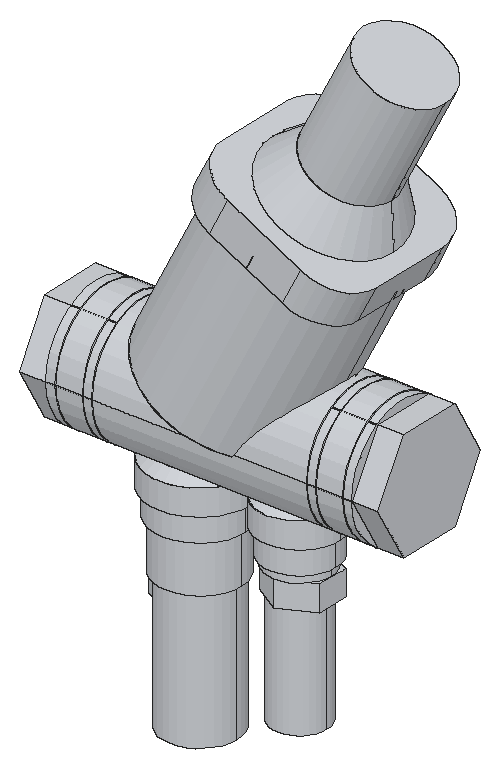
Revit family "Sigma_Compact_DN020 LF_s vyp_RFA_2019", category Pipe Accessories, Revit 2019
Family settings
  Round Connector Dimension = Use Diameter
  Part Type = Valve - Breaks Into
  Work Plane-Based = No
  Always vertical = Yes
  Cut with Voids When Loaded = No
  Shared = No
Parameters (values of type "Sigma Compact DN 20 LF s vypouštěním")
  magiProductId = "4441b8ffc9524b918ae82076b70c18"
  magiProductFamilyId = "b36b5fd198d64ff2a1a242d49e26b9"
  magiPartTypeId = 304
  isMeasuringValve [instance] = no
  ang2D [instance] = 0.00°
  Z6 = 26.1 mm
  Z5 = 60.9 mm
  Z4 = 52.2 mm
  Z3 = 8.7 mm
  Z2 = 43.5 mm
  XR2 = 25 mm
  XR1 = 13 mm
  W2D = 15 mm
  VersionID = "2.0/2018.12.13.2/FRESE_SIGMA_PLUG_Q13_001"
  Use Minimum Symbol Size [instance] = no
  URL = "www.hydronic.cz"
  Type Comments = "závitový; vnitřní závit; PN25; max dp=400kPa; -10~+120°C; max uzavírací tlak 1MPa"
  R4 = 15 mm
  R3 = 10 mm
  R2 = 14 mm
  R1 = 19 mm
  QmdConnectorList = "301;D;302;D"
  Productdata [instance] = ""
  NL__ve = -NL  # -15.8 mm
  NL = 15.8 mm
  Manufacturer = "Hydronic Systems Prague s.r.o."
  MC Use Limits From Balancing Method = no
  MC Throttling Minimum Value = 0
  MC Throttling Maximum Value = 0
  MC Product Code = "53-2222 DN20 FF s měřením a vypouštěním; (86-1550 l/h); kvs=4,0"
  MC Pressure Drop Minimum Value = 0.0 Pa
  MC Pressure Drop Maximum Value = 0.0 Pa
  MC Piping Given Pressure Drop [instance] = 0.0 Pa
  M5 = 33.7 mm
  M4 = 31.7 mm
  M3 = 25.7 mm
  M2 = 23.7 mm
  LP = 39.5 mm
  LM = 47.4 mm
  LL__ve = -LL  # -5.7 mm
  LLT__ve = -LLT  # -14.9 mm
  LLT = 14.9 mm
  LLL = 11 mm
  LL3 = 41 mm
  LL2 = 32 mm
  LL = 5.7 mm
  L3 = 11 mm
  L2D_Min = 30.48 mm
  L2D = 65 mm
  Description = "Automatický vyvažovací ventil"
  DR1 = yes
  DR0 = no
  DL2 = 66 mm
  D = 20 mm
  CenSd_R2_6 = R2 * cos(30.00°)  # 12.124 mm
  CAT0 = yes
  C0D1 = yes
  C0D0 = no
Types (3, lengths in mm): name | magiProductId | Z6 | Z5 | Z4 | Z3 | Z2 | R2 | NL__ve | NL | MC Product Code | M5 | M4 | M3 | M2 | LP | LM | LL__ve | LLT__ve | LLT | LL3 | LL2 | LL | DL2 | D | CenSd_R2_6
  Sigma Compact DN 15 LF s vypouštěním | "4da2706faa094394a6b47e72802cb6" | 26.1 | 60.9 | 52.2 | 8.7 | 43.5 | 14 | -15 | 15 | "53-2220 DN15 FF s měřením a vypouštěním; (40-900 l/h); kvs=2,6" | 32.5 | 30.5 | 24.5 | 22.5 | 37.5 | 45 | -5.7 | -14.9 | 14.9 | 41 | 32 | 5.7 | 66 | 15 | 12.124
  Sigma Compact DN 20 LF s vypouštěním | "4441b8ffc9524b918ae82076b70c18" | 26.1 | 60.9 | 52.2 | 8.7 | 43.5 | 14 | -15.8 | 15.8 | "53-2222 DN20 FF s měřením a vypouštěním; (86-1550 l/h); kvs=4,0" | 33.7 | 31.7 | 25.7 | 23.7 | 39.5 | 47.4 | -5.7 | -14.9 | 14.9 | 41 | 32 | 5.7 | 66 | 20 | 12.124
  Sigma Compact DN 25 LF s vypouštěním | "c12e4a96aaac41ec97144b6aa94874" | 27 | 63 | 54 | 9 | 45 | 18 | -16.6 | 16.6 | "53-2228 DN25 FF s měřením a vypouštěním; (95-2000 l/h); kvs=3,9" | 34.9 | 32.9 | 26.9 | 24.9 | 41.5 | 49.8 | -5.9 | -16.3 | 16.3 | 43 | 34 | 5.9 | 68 | 25 | 15.588
Reference planes
  plane 1 "Center (Front/Back)": y = 0
  plane 2 "XYPLANE": z = 0
  plane 3 "Center (Left/Right)": x = 0
  plane 4 "408": x = 39.5
  plane 5 "407": x = -39.5
  plane 6 "404": z = -35.3
  plane 7 "403": z = -41
  plane 8 "402": z = -66
  plane 9 "213": x = -11
  plane 10 "168": z = -10.9
  plane 11 "167": z = -12.9
  plane 12 "166": z = -18.6
  plane 13 "165": z = -24.3
  plane 14 "164": z = -26.3
  plane 15 "154": z = 0
  plane 16 "152": y = 0
  plane 17 "151": z = -32
  plane 18 "150": x = 11
  plane 19 "75": through (318.218, 0, 679.605) normal (0.891, 0, -0.454)
  plane 20 "74": x = 33.7
  plane 21 "73": x = 31.7
  plane 22 "72": x = 25.7
  plane 23 "71": x = 23.7
  plane 24 "70": x = -33.7
  plane 25 "69": x = -31.7
  plane 26 "68": x = -25.7
  plane 27 "67": y = 0
  plane 28 "66": through (-666.893, 0, 343.166) normal (0.454, 0, 0.891)
  plane 29 "65": x = -23.7
  plane 30 "64": through (335.147, 0, 670.979) normal (0.891, 0, -0.454)
  plane 31 "63": through (-648.506, 0, 379.252) normal (0.454, 0, 0.891)
  plane 32 "62": through (352.076, 0, 662.353) normal (0.891, 0, -0.454)
  plane 33 "61": y = 19
  plane 34 "60": y = -19
  plane 35 "59": through (-644.557, 0, 387.003) normal (0.454, 0, 0.891)
  plane 36 "58": through (-640.607, 0, 394.755) normal (0.454, 0, 0.891)
  plane 37 "56": x = 0
  plane 38 "55": through (-668.255, 0, 340.493) normal (0.454, 0, 0.891)
  plane 39 "102XY": through (-668.255, 0, 340.493) normal (0.454, 0, 0.891)
  plane 40 "102XZ": y = 0
  plane 41 "102YZ": through (340.493, 0, 668.255) normal (0.891, 0, -0.454)
Forms (mm)
  Extrusion 1, solid
    sketch origin (39.5, -750, 0) x (0, 1, 0) y (0, 0, 1)
      loop
        line (764, 0) -> (757, 12.124) -> (743, 12.124) -> (736, 0) -> (743, -12.124) -> (757, -12.124) -> (764, 0)
    from 0 to -15.8 <- "NL__ve"
  Extrusion 2, solid
    sketch origin (-39.5, -750, 0) x (0, 1, 0) y (0, 0, 1)
      loop
        line (736, 0) -> (743, -12.124) -> (757, -12.124) -> (764, 0) -> (757, 12.124) -> (743, 12.124) -> (736, 0)
    from 0 to 15.8 <- "NL"
  Extrusion 3, solid, visible <- "C0D1"
    sketch origin (-750, 0, -66) x (1, 0, 0) y (0, 1, 0)
      loop
        circle (739, 0) r 8.2
    from 0 to 50
  Extrusion 4, solid, visible <- "DR1"
    sketch origin (-750, 0, -35.3) x (1, 0, 0) y (0, 1, 0)
      loop
        line (739, -8) -> (745.928, -4) -> (745.928, 4) -> (739, 8) -> (730.872, 4) -> (730.872, -4) -> (739, -8)
    from 0 to -5.7 <- "LL__ve"
  Extrusion 5, solid, visible <- "DR1"
    sketch origin (-750, 0, -35.3) x (1, 0, 0) y (0, 1, 0)
      loop
        circle (739, 0) r 9.2
    from 0 to 11 <- "LLL"
  Extrusion 6, solid, visible <- "DR1"
    sketch origin (-750, 0, -24.3) x (1, 0, 0) y (0, 1, 0)
      loop
        circle (739, 0) r 10.2
    from 0 to 5.7 <- "LL"
  Extrusion 7, solid, visible <- "DR1"
    sketch origin (-750, 0, -18.6) x (1, 0, 0) y (0, 1, 0)
      loop
        circle (739, 0) r 11.2
    from 0 to 5.7 <- "LL"
  Blend 8, solid, visible <- "DR1"
    base sketch origin (-750, 0, -10.9) x (1, 0, 0) y (0, 1, 0)
      loop
        circle (739, 0) r 8.7
    top sketch origin (-750, 0, -10.9) x (1, 0, 0) y (0, 1, 0)
      loop
        circle (739, 0) r 11.2
    from 0 to -2
  Extrusion 9, solid, visible <- "DR1"
    sketch origin (-750, 0, 0) x (1, 0, 0) y (0, 1, 0)
      loop
        circle (739, 0) r 8.7
    from 0 to -14.9 <- "LLT__ve"
  Extrusion 10, solid, visible <- "C0D0"
    sketch origin (-750, 0, -32) x (1, 0, 0) y (0, 1, 0)
      loop
        circle (739, 0) r 7.2
    from 0 to -25
  Extrusion 11, solid, visible <- "DR0"
    sketch origin (-750, 0, -26.3) x (1, 0, 0) y (0, 1, 0)
      loop
        line (739, -7) -> (745.062, -3.5) -> (745.062, 3.5) -> (739, 7) -> (731.738, 3.5) -> (731.738, -3.5) -> (739, -7)
    from 0 to -5.7 <- "LL__ve"
  Extrusion 12, solid, visible <- "DR0"
    sketch origin (-750, 0, -26.3) x (1, 0, 0) y (0, 1, 0)
      loop
        circle (739, 0) r 8.2
    from 0 to 2
  Extrusion 13, solid, visible <- "DR0"
    sketch origin (-750, 0, -18.6) x (1, 0, 0) y (0, 1, 0)
      loop
        circle (739, 0) r 10.2
    from 0 to 5.7 <- "LL"
  Blend 14, solid, visible <- "DR0"
    base sketch origin (-750, 0, -10.9) x (1, 0, 0) y (0, 1, 0)
      loop
        circle (739, 0) r 7.7
    top sketch origin (-750, 0, -10.9) x (1, 0, 0) y (0, 1, 0)
      loop
        circle (739, 0) r 10.2
    from 0 to -2
  Extrusion 15, solid, visible <- "DR0"
    sketch origin (-750, 0, 0) x (1, 0, 0) y (0, 1, 0)
      loop
        circle (739, 0) r 7.7
    from 0 to -14.9 <- "LLT__ve"
  Extrusion 16, solid, visible <- "DR0"
    sketch origin (-750, 0, 0) x (1, 0, 0) y (0, 1, 0)
      loop
        circle (739, 0) r 7.7
    from 0 to -14.9 <- "LLT__ve"
  Blend 17, solid, visible <- "DR0"
    base sketch origin (-750, 0, -10.9) x (1, 0, 0) y (0, 1, 0)
      loop
        circle (739, 0) r 7.7
    top sketch origin (-750, 0, -10.9) x (1, 0, 0) y (0, 1, 0)
      loop
        circle (739, 0) r 10.2
    from 0 to -2
  Extrusion 18, solid, visible <- "DR0"
    sketch origin (-750, 0, -18.6) x (1, 0, 0) y (0, 1, 0)
      loop
        circle (739, 0) r 10.2
    from 0 to 5.7 <- "LL"
  Extrusion 19, solid, visible <- "DR0"
    sketch origin (-750, 0, -24.3) x (1, 0, 0) y (0, 1, 0)
      loop
        circle (739, 0) r 9.2
    from 0 to 5.7 <- "LL"
  Extrusion 20, solid, visible <- "DR0"
    sketch origin (-750, 0, -26.3) x (1, 0, 0) y (0, 1, 0)
      loop
        circle (739, 0) r 8.2
    from 0 to 2
  Extrusion 21, solid, visible <- "DR0"
    sketch origin (-750, 0, -26.3) x (1, 0, 0) y (0, 1, 0)
      loop
        line (739, -7) -> (745.062, -3.5) -> (745.062, 3.5) -> (739, 7) -> (731.738, 3.5) -> (731.738, -3.5) -> (739, -7)
    from 0 to -5.7 <- "LL__ve"
  Extrusion 22, solid, visible <- "C0D0"
    sketch origin (-750, 0, -32) x (1, 0, 0) y (0, 1, 0)
      loop
        circle (739, 0) r 7.2
    from 0 to -25
  Extrusion 23, solid, visible <- "CAT0"
    sketch origin (-750, 0, -32) x (1, 0, 0) y (0, 1, 0)
      loop
        circle (761, 0) r 6
    from 0 to -25
  Extrusion 24, solid
    sketch origin (-750, 0, -26.3) x (1, 0, 0) y (0, 1, 0)
      loop
        line (761, -7) -> (768.262, -3.5) -> (768.262, 3.5) -> (761, 7) -> (754.938, 3.5) -> (754.938, -3.5) -> (761, -7)
    from 0 to -5.7 <- "LL__ve"
  Extrusion 25, solid
    sketch origin (-750, 0, -26.3) x (1, 0, 0) y (0, 1, 0)
      loop
        circle (761, 0) r 7
    from 0 to 2
  Extrusion 26, solid
    sketch origin (-750, 0, -24.3) x (1, 0, 0) y (0, 1, 0)
      loop
        circle (761, 0) r 8
    from 0 to 5.7 <- "LL"
  Extrusion 27, solid
    sketch origin (-750, 0, -18.6) x (1, 0, 0) y (0, 1, 0)
      loop
        circle (761, 0) r 9
    from 0 to 5.7 <- "LL"
  Blend 28, solid
    base sketch origin (-750, 0, -10.9) x (1, 0, 0) y (0, 1, 0)
      loop
        circle (761, 0) r 6.5
    top sketch origin (-750, 0, -10.9) x (1, 0, 0) y (0, 1, 0)
      loop
        circle (761, 0) r 9
    from 0 to -2
  Extrusion 29, solid
    sketch origin (-750, 0, 0) x (1, 0, 0) y (0, 1, 0)
      loop
        circle (761, 0) r 6.5
    from 0 to -14.9 <- "LLT__ve"
  Blend 30, solid, visible <- "CAT0"
    base sketch origin (31.7, -750, 0) x (0, 1, 0) y (0, 0, 1)
      loop
        circle (750, 0) r 14
    top sketch origin (31.7, -750, 0) x (0, 1, 0) y (0, 0, 1)
      loop
        circle (750, 0) r 14
    from 0 to 2
  Extrusion 31, solid, visible <- "CAT0"
    sketch origin (25.7, -750, 0) x (0, 1, 0) y (0, 0, 1)
      loop
        circle (750, 0) r 14
    from 0 to 6
  Blend 32, solid, visible <- "CAT0"
    base sketch origin (23.7, -750, 0) x (0, 1, 0) y (0, 0, 1)
      loop
        circle (750, 0) r 14
    top sketch origin (23.7, -750, 0) x (0, 1, 0) y (0, 0, 1)
      loop
        circle (750, 0) r 14
    from 0 to 2
  Blend 33, solid, visible <- "CAT0"
    base sketch origin (-31.7, -750, 0) x (0, 1, 0) y (0, 0, 1)
      loop
        circle (750, 0) r 14
    top sketch origin (-31.7, -750, 0) x (0, 1, 0) y (0, 0, 1)
      loop
        circle (750, 0) r 14
    from 0 to -2
  Extrusion 34, solid, visible <- "CAT0"
    sketch origin (-31.7, -750, 0) x (0, 1, 0) y (0, 0, 1)
      loop
        circle (750, 0) r 14
    from 0 to 6
  Blend 35, solid, visible <- "CAT0"
    base sketch origin (-25.7, -750, 0) x (0, 1, 0) y (0, 0, 1)
      loop
        circle (750, 0) r 14
    top sketch origin (-25.7, -750, 0) x (0, 1, 0) y (0, 0, 1)
      loop
        circle (750, 0) r 14
    from 0 to 2
  Extrusion 36, solid, visible <- "CAT0"
    sketch origin (-23.7, -750, 0) x (0, 1, 0) y (0, 0, 1)
      loop
        circle (750, 0) r 14
    from 0 to 47.4 <- "LM"
  Extrusion 37, solid, visible <- "CAT0"
    sketch origin (-666.893, 0, 343.166) x (0.891007, 0, -0.45399) y (0, 1, 0)
      loop
        circle (744, 0) r 19
    from 0 to 43.5 <- "Z2"
  Extrusion 38, solid, visible <- "CAT0"
    sketch origin (-648.506, 0, 379.252) x (0.891007, 0, -0.45399) y (0, 1, 0)
      loop
        arc (735, 19) -> (727.929, 16.071) -> (725, 9) r 10
        line (725, 9) -> (725, -9)
        arc (725, -9) -> (727.929, -16.071) -> (735, -19) r 10
        line (735, -19) -> (753, -19)
        arc (753, -19) -> (760.071, -16.071) -> (763, -9) r 10
        line (763, -9) -> (763, 9)
        arc (763, 9) -> (760.071, 16.071) -> (753, 19) r 10
        line (753, 19) -> (735, 19)
    from 0 to 8.7 <- "Z3"
  Blend 39, solid, visible <- "CAT0"
    base sketch origin (-644.557, 0, 387.003) x (0.891007, 0, -0.45399) y (0, 1, 0)
      loop
        circle (744, 0) r 15
    top sketch origin (-644.557, 0, 387.003) x (0.891007, 0, -0.45399) y (0, 1, 0)
      loop
        circle (744, 0) r 10
    from 0 to 8.7
  Extrusion 40, solid, visible <- "CAT0"
    sketch origin (-640.607, 0, 394.755) x (0.891007, 0, -0.45399) y (0, 1, 0)
      loop
        circle (744, 0) r 10
    from 0 to 26.1 <- "Z6"
  Blend 41, solid, visible <- "CAT0"
    base sketch origin (-668.255, 0, 340.493) x (0.891007, 0, -0.45399) y (0, 1, 0)
      loop
        circle (744, 0) r 15
    top sketch origin (-668.255, 0, 340.493) x (0.891007, 0, -0.45399) y (0, 1, 0)
      loop
        circle (744, 0) r 19
    from 0 to 3
  Extrusion 42, solid, not visible
    sketch origin (-33.7, -750, 0) x (0, 1, 0) y (0, 0, 1)
      loop
        circle (750, 0) r 10
    from 0 to 10
  Extrusion 43, solid, not visible
    sketch origin (33.7, -750, 0) x (0, 1, 0) y (0, 0, 1)
      loop
        circle (750, 0) r 10
    from 0 to -10
Lines and regions (mm)
  reference lines, not visible
    curve 1: circle (2, 2, 0) r 1 normal (0, 0, 1)
  reference lines
    curve 2: line (39.5, 0, 0) -> (39.5, -3.5, 6.062)
    curve 3: line (39.5, 0, 0) -> (39.5, -7, 0)
    curve 4: line (39.5, 0, 0) -> (39.5, -3.5, -6.062)
    curve 5: line (-39.5, 0, 0) -> (-39.5, 3.5, 6.062)
    curve 6: line (-39.5, 0, 0) -> (-39.5, 7, 0)
    curve 7: line (-39.5, 0, 0) -> (-39.5, 3.5, -6.062)
Dimensions and locks
  plane 1 "Center (Front/Back)" to curve 1 = 2 mm
  "LP": plane 37 "56" to plane 4 "408"
  "LP": plane 37 "56" to plane 5 "407"
  "LL": plane 7 "403" to plane 6 "404"
  "LL3": plane 2 "XYPLANE" to plane 7 "403"
  "DL2": plane 2 "XYPLANE" to plane 8 "402"
  "L3": plane 3 "Center (Left/Right)" to plane 9 "213"
  locked: plane 11 "167" to plane 10 "168" at 2
  "LL": plane 12 "166" to plane 11 "167"
  "LL": plane 13 "165" to plane 12 "166"
  locked: plane 14 "164" to plane 13 "165" at 2
  "LL": plane 17 "151" to plane 14 "164"
  locked: plane 2 "XYPLANE" to plane 15 "154"
  locked: plane 1 "Center (Front/Back)" to plane 16 "152"
  "LL2": plane 2 "XYPLANE" to plane 17 "151"
  "L3": plane 3 "Center (Left/Right)" to plane 18 "150"
  "XR2": plane 41 "102YZ" to plane 19 "75"
  "M5": plane 3 "Center (Left/Right)" to plane 20 "74"
  "M4": plane 3 "Center (Left/Right)" to plane 21 "73"
  "M3": plane 3 "Center (Left/Right)" to plane 22 "72"
  "M2": plane 3 "Center (Left/Right)" to plane 23 "71"
  "M5": plane 3 "Center (Left/Right)" to plane 24 "70"
  "M4": plane 3 "Center (Left/Right)" to plane 25 "69"
  "M3": plane 3 "Center (Left/Right)" to plane 26 "68"
  locked: plane 16 "152" to plane 27 "67"
  locked: plane 39 "102XY" to plane 28 "66" at 3
  "M2": plane 3 "Center (Left/Right)" to plane 29 "65"
  locked: plane 41 "102YZ" to plane 30 "64" at 6
  "Z2": plane 39 "102XY" to plane 31 "63"
  "XR1": plane 41 "102YZ" to plane 32 "62"
  "R1": plane 16 "152" to plane 33 "61"
  "R1": plane 16 "152" to plane 34 "60"
  "Z4": plane 39 "102XY" to plane 35 "59"
  "Z5": plane 39 "102XY" to plane 36 "58"
  locked: plane 3 "Center (Left/Right)" to plane 37 "56"
  locked: plane 39 "102XY" to plane 38 "55"
  "CenSd_R2_6": curve 2 to Extrusion 1 sketch curve  (x2)
  "CenSd_R2_6": curve 3 to Extrusion 1 sketch curve  (x2)
  "CenSd_R2_6": curve 4 to Extrusion 1 sketch curve  (x2)
  Extrusion 1 sketch curve to Extrusion 1 sketch curve = 0 mm  (x12)
  "CenSd_R2_6": curve 5 to Extrusion 2 sketch curve  (x2)
  "CenSd_R2_6": curve 6 to Extrusion 2 sketch curve  (x2)
  "CenSd_R2_6": curve 7 to Extrusion 2 sketch curve  (x2)
  Extrusion 2 sketch curve to Extrusion 2 sketch curve = 0 mm  (x12)
  Extrusion 4 sketch curve to Extrusion 4 sketch curve = 0 mm  (x12)
  Extrusion 11 sketch curve to Extrusion 11 sketch curve = 0 mm  (x12)
  Extrusion 21 sketch curve to Extrusion 21 sketch curve = 0 mm  (x12)
  Extrusion 24 sketch curve to Extrusion 24 sketch curve = 0 mm  (x12)
  Extrusion 38 sketch curve to Extrusion 38 sketch curve = 0 mm  (x16)
  "R2": radius of Blend 30 sketch curve  (x2)
  "R2": radius of Extrusion 31 sketch curve
  "R2": radius of Blend 32 sketch curve  (x2)
  "R2": radius of Blend 33 sketch curve  (x2)
  "R2": radius of Extrusion 34 sketch curve
  "R2": radius of Blend 35 sketch curve  (x2)
  "R2": radius of Extrusion 36 sketch curve
  "R1": radius of Extrusion 37 sketch curve
  radius of Extrusion 38 sketch curve = 10 mm  (x4)
  "R3": radius of Blend 39 sketch curve
  "R4": radius of Blend 39 sketch curve
  "R3": radius of Extrusion 40 sketch curve
  "R1": radius of Blend 41 sketch curve
  locked: curve 3 to curve 2 (angle 60.00°)
  locked: curve 4 to curve 3 (angle 60.00°)
  locked: curve 4 to curve 2 (angle 120.00°)
  locked: curve 6 to curve 5 (angle 60.00°)
  locked: curve 7 to curve 6 (angle 60.00°)
  locked: curve 7 to curve 5 (angle 120.00°)
  aligned and locked: level to plane 2 "XYPLANE"
  aligned and locked: plane 15 "154" to curve 4
  aligned and locked: curve 4 to plane 16 "152"
  aligned and locked: plane 15 "154" to curve 7
  aligned and locked: curve 7 to plane 16 "152"
  aligned and locked: plane 9 "213" to Extrusion 3 sketch curve
  aligned and locked: plane 16 "152" to Extrusion 3 sketch curve
  aligned and locked: plane 9 "213" to Extrusion 5 sketch curve
  aligned and locked: plane 16 "152" to Extrusion 5 sketch curve
  aligned and locked: plane 9 "213" to Extrusion 6 sketch curve
  aligned and locked: plane 16 "152" to Extrusion 6 sketch curve
  aligned and locked: plane 9 "213" to Extrusion 7 sketch curve
  aligned and locked: plane 16 "152" to Extrusion 7 sketch curve
  aligned and locked: plane 9 "213" to Blend 8 sketch curve  (x2)
  aligned and locked: plane 16 "152" to Blend 8 sketch curve  (x2)
  aligned and locked: Blend 8 to plane 11 "167"
  aligned and locked: plane 9 "213" to Extrusion 9 sketch curve
  aligned and locked: plane 16 "152" to Extrusion 9 sketch curve
  aligned and locked: plane 9 "213" to Extrusion 10 sketch curve
  aligned and locked: plane 16 "152" to Extrusion 10 sketch curve
  aligned and locked: plane 9 "213" to Extrusion 12 sketch curve
  aligned and locked: plane 16 "152" to Extrusion 12 sketch curve
  aligned and locked: plane 9 "213" to Extrusion 13 sketch curve
  aligned and locked: plane 16 "152" to Extrusion 13 sketch curve
  aligned and locked: plane 9 "213" to Blend 14 sketch curve  (x2)
  aligned and locked: plane 16 "152" to Blend 14 sketch curve  (x2)
  aligned and locked: Blend 14 to plane 11 "167"
  aligned and locked: plane 9 "213" to Extrusion 15 sketch curve
  aligned and locked: plane 16 "152" to Extrusion 15 sketch curve
  aligned and locked: plane 9 "213" to Extrusion 16 sketch curve
  aligned and locked: plane 16 "152" to Extrusion 16 sketch curve
  aligned and locked: plane 9 "213" to Blend 17 sketch curve  (x2)
  aligned and locked: plane 16 "152" to Blend 17 sketch curve  (x2)
  aligned and locked: Blend 17 to plane 11 "167"
  aligned and locked: plane 9 "213" to Extrusion 18 sketch curve
  aligned and locked: plane 16 "152" to Extrusion 18 sketch curve
  aligned and locked: plane 9 "213" to Extrusion 19 sketch curve
  aligned and locked: plane 16 "152" to Extrusion 19 sketch curve
  aligned and locked: plane 9 "213" to Extrusion 20 sketch curve
  aligned and locked: plane 16 "152" to Extrusion 20 sketch curve
  aligned and locked: plane 9 "213" to Extrusion 22 sketch curve
  aligned and locked: plane 16 "152" to Extrusion 22 sketch curve
  aligned and locked: plane 16 "152" to Extrusion 23 sketch curve
  aligned and locked: plane 18 "150" to Extrusion 23 sketch curve
  aligned and locked: plane 16 "152" to Extrusion 25 sketch curve
  aligned and locked: plane 18 "150" to Extrusion 25 sketch curve
  aligned and locked: plane 16 "152" to Extrusion 26 sketch curve
  aligned and locked: plane 18 "150" to Extrusion 26 sketch curve
  aligned and locked: plane 16 "152" to Extrusion 27 sketch curve
  aligned and locked: plane 18 "150" to Extrusion 27 sketch curve
  aligned and locked: plane 16 "152" to Blend 28 sketch curve  (x2)
  aligned and locked: plane 18 "150" to Blend 28 sketch curve  (x2)
  aligned and locked: Blend 28 to plane 11 "167"
  aligned and locked: plane 16 "152" to Extrusion 29 sketch curve
  aligned and locked: plane 18 "150" to Extrusion 29 sketch curve
  aligned and locked: plane 15 "154" to Blend 30 sketch curve  (x2)
  aligned and locked: Blend 30 sketch curve to plane 16 "152"  (x2)
  aligned and locked: plane 20 "74" to Blend 30
  aligned and locked: plane 15 "154" to Extrusion 31 sketch curve
  aligned and locked: Extrusion 31 sketch curve to plane 16 "152"
  aligned and locked: plane 15 "154" to Blend 32 sketch curve  (x2)
  aligned and locked: Blend 32 sketch curve to plane 16 "152"  (x2)
  aligned and locked: plane 22 "72" to Blend 32
  aligned and locked: plane 15 "154" to Blend 33 sketch curve  (x2)
  aligned and locked: Blend 33 sketch curve to plane 16 "152"  (x2)
  aligned and locked: Blend 33 to plane 24 "70"
  aligned and locked: plane 15 "154" to Extrusion 34 sketch curve
  aligned and locked: Extrusion 34 sketch curve to plane 16 "152"
  aligned and locked: plane 15 "154" to Blend 35 sketch curve  (x2)
  aligned and locked: Blend 35 sketch curve to plane 16 "152"  (x2)
  aligned and locked: plane 29 "65" to Blend 35
  aligned and locked: plane 15 "154" to Extrusion 36 sketch curve
  aligned and locked: Extrusion 36 sketch curve to plane 16 "152"
  aligned and locked: plane 27 "67" to Extrusion 37 sketch curve
  aligned and locked: Extrusion 37 sketch curve to plane 30 "64"
  aligned and locked: Extrusion 38 sketch curve to plane 19 "75"
  aligned and locked: Extrusion 38 sketch curve to plane 34 "60"
  aligned and locked: Extrusion 38 sketch curve to plane 32 "62"
  aligned and locked: plane 33 "61" to Extrusion 38 sketch curve
  aligned and locked: plane 27 "67" to Blend 39 sketch curve  (x2)
  aligned and locked: Blend 39 sketch curve to plane 30 "64"  (x2)
  aligned and locked: plane 36 "58" to Blend 39
  aligned and locked: plane 27 "67" to Extrusion 40 sketch curve
  aligned and locked: Extrusion 40 sketch curve to plane 30 "64"
  aligned and locked: plane 27 "67" to Blend 41 sketch curve  (x2)
  aligned and locked: Blend 41 sketch curve to plane 30 "64"  (x2)
  aligned and locked: plane 28 "66" to Blend 41
  aligned and locked: plane 15 "154" to Extrusion 42 sketch curve
  aligned and locked: Extrusion 42 sketch curve to plane 16 "152"
  aligned and locked: plane 15 "154" to Extrusion 43 sketch curve
  aligned and locked: Extrusion 43 sketch curve to plane 16 "152"
Automatic sketch dimensions
  plane 29 "65" to Extrusion 3 sketch curve = 4.5 mm
  Extrusion 4 sketch curve to plane 9 "213" = 0 mm  (x2)
  plane 29 "65" to Extrusion 4 sketch curve = 4.572 mm
  Extrusion 4 sketch curve to plane 3 "Center (Left/Right)" = 4.072 mm
  plane 1 "Center (Front/Back)" to Extrusion 4 sketch curve = 8 mm
  plane 1 "Center (Front/Back)" to Extrusion 4 sketch curve = 4 mm  (x2)
  Extrusion 4 sketch curve to plane 1 "Center (Front/Back)" = 4 mm  (x2)
  Extrusion 4 sketch curve to Extrusion 4 sketch curve = 4 mm
  plane 29 "65" to Extrusion 5 sketch curve = 3.5 mm
  plane 29 "65" to Extrusion 6 sketch curve = 2.5 mm
  plane 29 "65" to Extrusion 7 sketch curve = 1.5 mm
  plane 29 "65" to Blend 8 sketch curve = 4 mm
  plane 29 "65" to Blend 8 sketch curve = 1.5 mm
  plane 29 "65" to Extrusion 9 sketch curve = 4 mm
  plane 29 "65" to Extrusion 10 sketch curve = 5.5 mm
  Extrusion 11 sketch curve to plane 9 "213" = 0 mm  (x2)
  plane 29 "65" to Extrusion 11 sketch curve = 5.438 mm
  Extrusion 11 sketch curve to plane 3 "Center (Left/Right)" = 4.938 mm
  plane 1 "Center (Front/Back)" to Extrusion 11 sketch curve = 7 mm
  plane 1 "Center (Front/Back)" to Extrusion 11 sketch curve = 3.5 mm  (x2)
  Extrusion 11 sketch curve to plane 1 "Center (Front/Back)" = 3.5 mm  (x2)
  Extrusion 11 sketch curve to Extrusion 11 sketch curve = 3.5 mm
  plane 29 "65" to Extrusion 12 sketch curve = 4.5 mm
  plane 29 "65" to Extrusion 13 sketch curve = 2.5 mm
  plane 29 "65" to Blend 14 sketch curve = 5 mm
  plane 29 "65" to Blend 14 sketch curve = 2.5 mm
  plane 29 "65" to Extrusion 15 sketch curve = 5 mm
  plane 29 "65" to Extrusion 16 sketch curve = 5 mm
  plane 29 "65" to Blend 17 sketch curve = 5 mm
  plane 29 "65" to Blend 17 sketch curve = 2.5 mm
  plane 29 "65" to Extrusion 18 sketch curve = 2.5 mm
  plane 29 "65" to Extrusion 19 sketch curve = 3.5 mm
  plane 29 "65" to Extrusion 20 sketch curve = 4.5 mm
  Extrusion 21 sketch curve to plane 9 "213" = 0 mm  (x2)
  plane 29 "65" to Extrusion 21 sketch curve = 5.438 mm
  Extrusion 21 sketch curve to plane 3 "Center (Left/Right)" = 4.938 mm
  plane 1 "Center (Front/Back)" to Extrusion 21 sketch curve = 7 mm
  plane 1 "Center (Front/Back)" to Extrusion 21 sketch curve = 3.5 mm  (x2)
  Extrusion 21 sketch curve to plane 1 "Center (Front/Back)" = 3.5 mm  (x2)
  Extrusion 21 sketch curve to Extrusion 21 sketch curve = 3.5 mm
  plane 29 "65" to Extrusion 22 sketch curve = 5.5 mm
  plane 3 "Center (Left/Right)" to Extrusion 23 sketch curve = 5 mm
  Extrusion 24 sketch curve to plane 18 "150" = 0 mm  (x2)
  plane 3 "Center (Left/Right)" to Extrusion 24 sketch curve = 4.938 mm
  Extrusion 24 sketch curve to plane 23 "71" = 5.438 mm
  plane 1 "Center (Front/Back)" to Extrusion 24 sketch curve = 7 mm
  plane 1 "Center (Front/Back)" to Extrusion 24 sketch curve = 3.5 mm  (x2)
  Extrusion 24 sketch curve to plane 1 "Center (Front/Back)" = 3.5 mm  (x2)
  Extrusion 24 sketch curve to Extrusion 24 sketch curve = 3.5 mm
  plane 3 "Center (Left/Right)" to Extrusion 25 sketch curve = 4 mm
  plane 3 "Center (Left/Right)" to Extrusion 26 sketch curve = 3 mm
  plane 3 "Center (Left/Right)" to Extrusion 27 sketch curve = 2 mm
  plane 3 "Center (Left/Right)" to Blend 28 sketch curve = 4.5 mm
  plane 3 "Center (Left/Right)" to Blend 28 sketch curve = 2 mm
  plane 3 "Center (Left/Right)" to Extrusion 29 sketch curve = 4.5 mm
  plane 19 "75" to Blend 41 sketch curve = 4 mm
  plane 34 "60" to Extrusion 42 sketch curve = 9 mm
  plane 34 "60" to Extrusion 43 sketch curve = 9 mm
  plane 3 "Center (Left/Right)" to curve 1 = 2 mm
  radius of curve 1 = 1 mm
Connectors
  piping at (-33.7, 0, 0), diameter 20, driven by "D"
    settings: on Extrusion 42, index 1, connector inside diameter 609.6 mm, connector length 0 mm, flow factor 0, pipe flow 0.0 L/s, pressure drop 0.0 Pa, fitting loss kfactor 0, connector angle 0.00°, fixture units 0, engagement length 0 mm, angle of deflection 0.00°, flow configuration 0, flow direction 0, fitting loss method 0, system type 29, joint type 0, gender type 0, connector reference index 2, connector utility 0, adjustable connector no, is connector primary yes, connector description ""
  piping at (33.7, 0, 0), diameter 20, driven by "D"
    settings: on Extrusion 43, index 2, connector inside diameter 609.6 mm, connector length 0 mm, flow factor 0, pipe flow 0.0 L/s, pressure drop 0.0 Pa, fitting loss kfactor 0, connector angle 0.00°, fixture units 0, engagement length 0 mm, angle of deflection 0.00°, flow configuration 0, flow direction 0, fitting loss method 0, system type 29, joint type 0, gender type 0, connector reference index 1, connector utility 0, adjustable connector no, is connector primary no, connector description ""
